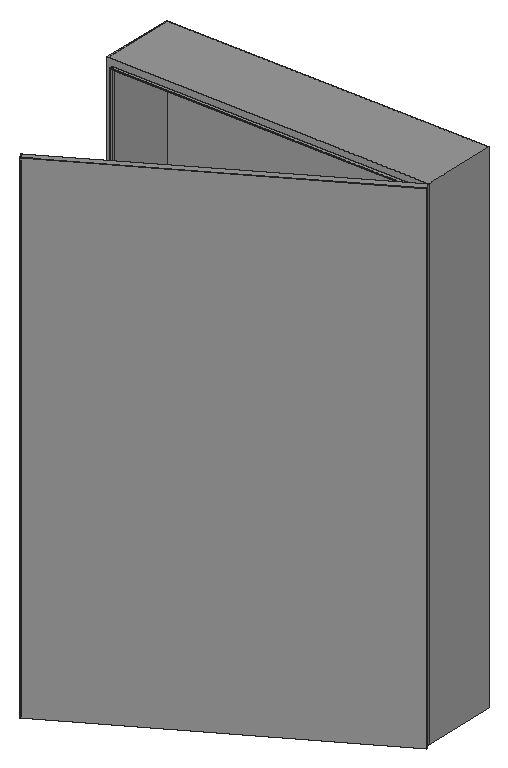
Revit family "Hager-Univers-IP44-D205-H1250-Cl.II-Encl-NoHosted-NL-en", category Equipement électrique, Revit 2020
Family settings
  Configuration du panneau = Deux colonnes, circuits au sein
  Cote de connecteur circulaire = Utiliser le diamètre
  Type d'élément = Tableau de raccordement
  Basée sur le plan de construction = Oui
  Toujours verticalement = Oui
  Couper avec des vides une fois chargée = Non
  Partagée = Non
  Point de calcul de pièce = Non
Parameters (values of type "Surface mounted (plaster) IP44 W800 H1250 D205  - FP83QS")
  Width Control [instance] = if([EF000008 - Width] > Min Width, [EF000008 - Width], Min Width)  # 800 mm
  Commentaires du type = [HG000003 - Range]  # "Univers"
  Thickness Door [instance] = if([EF009171 - Material plate thickness door/cover] > 3 mm, 3 mm, [EF009171 - Material plate thickness door/cover])  # 1 mm
  Seal Frame Offset [instance] = 17 mm  # constant formula
  Plinth Visibility [instance] = [HG000027 - Plinth height] > 0 mm  # no
  Min Width [instance] = 100 mm  # constant formula
  Min Depth [instance] = (2 * [EF009170 - Material plate thickness cabinet]) + 1 mm  # 3 mm
  Min Height [instance] = 100 mm  # constant formula
  Internal Frame Depth [instance] = (Door System Depth * 0.5)  # 9 mm
  Panel Name [instance] = ""  # (empty or 0)
  Model = ""
  HG000027 - Plinth height = 0 mm
  HG000026 - Floor standing = no
  HG000024 - Bottom section height = 600 mm
  HG000023 - Double section enclosure = no
  HG000016 - Door 3d visibility [instance] = yes
  HG000015 - Clearance visibility [instance] = no
  HG000014 - Door on the right [instance] = yes
  HG000013 - Door on the left [instance] = not([HG000014 - Door on the right])  # no
  HG000012 - Door swing angle [instance] = 30.00°
  HG000010 - Asymmetric doors = no
  HG000009 - Double swing door = no
  HG000006 - Flush mounted = no
  HG000004 - Manufacturer reference = "FP83QS"
  HG000003 - Range = "Univers"
  HG000002 - With door or cover = yes
  Frame Offset Bottom [instance] = 10 mm  # constant formula
  Frame Offset [instance] = 15 mm  # constant formula
  EF015940 - Cover with overpressure release = no
  EF011959 - Degree of protection (NEMA) = ""
  EF009554 - Number of openings for flange plates = 6
  EF009212 - Cover model = "EV000116 - Closed"
  EF009171 - Material plate thickness door/cover = 1 mm
  EF009170 - Material plate thickness cabinet = 1 mm
  EF008873 - Nominal current (In) = 250 A
  EF007800 - Suitable for lightning protection = no
  EF006306 - With lock = no
  EF006244 - Transparent cover/door = no
  EF005474 - Degree of protection (IP) = "EV006418 - IP44"
  EF004464 - Type of door = "EV002646 - Single"
  EF004427 - Number of modules = 288
  EF004293 - Impact strength = "EV006815 - IK09"
  EF003532 - Suitable for outdoor use = no
  EF002950 - Width in number of modular spacings = 36
  EF001613 - Circuit integrity = "EV000494 - None"
  EF001596 - Material housing = "EV000179 - Steel"
  EF001131 - Internal depth = 143 mm
  EF001088 - Extension possible = yes
  EF000437 - Number of conduit inlets = 6
  EF000339 - Type of cover = "EV001012 - Cover"
  EF000266 - Number of rows = 8
  EF000218 - Built-in depth = 0 mm
  EF000118 - With mounting plate = no
  EF000116 - RAL-number = "9010"
  EF000049 - Depth = 205 mm
  EF000040 - Height = 1250 mm
  EF000008 - Width = 800 mm
  EF000007 - Colour = "EV000202 - White"
  EF000003 - Mounting method = "EV000384 - Surface mounted (plaster)"
  Door System Leaf Tolerance [instance] = 1.5 mm  # constant formula
  Door System Depth [instance] = 18 mm  # constant formula
  Door Height [instance] = Height Control - [HG000027 - Plinth height]  # 1250 mm
  Description = ""
  Default Elevation = 1219.2 mm
  Connector Offset [instance] = Height Control / 2  # 625 mm
  Fabricant = "Hager"  # constant formula
  Height Control [instance] = if([EF000040 - Height] > Min Height, [EF000040 - Height], Min Height)  # 1250 mm
  Depth Control [instance] = if([EF000049 - Depth] > Min Depth, [EF000049 - Depth], Min Depth)  # 205 mm
  Bottom Top Plate Trim [instance] = 1.5 mm  # constant formula
  Plinth height Ctrl [instance] = if([HG000027 - Plinth height] > 0 mm, [HG000027 - Plinth height], 12 mm)  # 12 mm
Types (5, lengths in mm): name | Width Control | HG000009 - Double swing door | HG000004 - Manufacturer reference | EF009554 - Number of openings for flange plates | EF004464 - Type of door | EF004427 - Number of modules | EF002950 - Width in number of modular spacings | EF000437 - Number of conduit inlets | EF000008 - Width
  Surface mounted (plaster) IP44 W1050 H1250 D205  - FP84QS | 1050 | yes | "FP84QS" | 8 | "EV003602 - Double" | 384 | 48 | 8 | 1050
  Surface mounted (plaster) IP44 W1300 H1250 D205  - FP85QS | 1300 | yes | "FP85QS" | 10 | "EV003602 - Double" | 480 | 60 | 10 | 1300
  Surface mounted (plaster) IP44 W300 H1250 D205  - FP81QS | 300 | no | "FP81QS" | 2 | "EV002646 - Single" | 96 | 12 | 2 | 300
  Surface mounted (plaster) IP44 W550 H1250 D205  - FP82QS | 550 | no | "FP82QS" | 4 | "EV002646 - Single" | 192 | 24 | 4 | 550
  Surface mounted (plaster) IP44 W800 H1250 D205  - FP83QS | 800 | no | "FP83QS" | 6 | "EV002646 - Single" | 288 | 36 | 6 | 800
Reference planes
  plane 1 "Center (Front/Back)": y = 0
  plane 2: z = 0
  plane 3 "Center (Left/Right)": x = 0
  plane 4: y = 0
  plane 5: y = 0
  plane 6: z = 0
  plane 7: x = -400
  plane 8: x = 400
  plane 9: x = 399
  plane 10: x = -399
  plane 11: z = 0
  plane 12: z = 1
  plane 13: y = -205
  plane 14: y = -1
  plane 15: x = 0
  plane 16: y = -187
  plane 17: y = -204
  plane 18: y = -186
  plane 19: x = -384
  plane 20: x = 384
  plane 21: z = 11
  plane 22: x = -383
  plane 23: x = 383
  plane 24: z = 0
  plane 25: z = 1250
  plane 26: z = 1250
  plane 27: z = 1234
  plane 28: z = 1249
Forms (mm)
  Extrusion 1, solid, material "Hager_Steel_RAL7035_Light_Grey", detail levels medium+fine
    sketch origin (-208.679, -4572, 0) x (-1, 0, 0) y (0, -1, 0)
      loop
        line (191.321, -4385) -> (-608.679, -4385) -> (-608.679, -4572) -> (191.321, -4572) -> (191.321, -4385)
    from 0 to 1250
  Extrusion 2, void
    sketch origin (-350.771, -205, 1219.2) x (1, 0, 0) y (0, 0, 1)
      loop
        line (-48.229, 29.8) -> (-48.229, -1218.2) -> (749.771, -1218.2) -> (749.771, 29.8) -> (-48.229, 29.8)
    from -19 to -204
  Extrusion 3, void
    sketch origin (-290.084, -187, 1219.2) x (1, 0, 0) y (0, 0, 1)
      loop
        line (-93.916, -1208.2) -> (674.084, -1208.2) -> (674.084, 14.8) -> (-93.916, 14.8) -> (-93.916, -1208.2)
    from 0 to -1
  Extrusion 4, solid, material "Hager_Steel_RAL7035_Light_Grey", visible <- "Plinth Visibility", detail levels medium+fine
    sketch origin (0, 0, 0) x (1, 0, 0) y (0, 1, 0)
      loop
        line (-400, 0) -> (-400, -187) -> (400, -187) -> (400, 0) -> (-400, 0)
    from 0 to 12 <- "Plinth height Ctrl"
  Extrusion 5, solid, material "Hager_Steel_RAL7035_Light_Grey", detail levels coarse
    sketch origin (0, 0, 0) x (1, 0, 0) y (0, 1, 0)
      loop
        line (-400, 0) -> (-400, -205) -> (400, -205) -> (400, 0) -> (-400, 0)
    from 0 to 1250 <- "Height Control"
  Sweep 6, void
    path in 3D
      loop
        line (-400, -187, 12) -> (400, -187, 12) -> (400, 0, 12) -> (-400, 0, 12) -> (-400, -187, 12)
    profile origin (-400, -93.5, 12) x (1, 0, 0) y (0, 0, 1)
      loop
        line (0, 0) -> (0, -1.5) -> (1.5, -1.5)
        arc (1.5, -1.5) -> (1.061, -0.439) -> (0, 0) r 1.5
  Extrusion 7, solid, material "Hager_Steel_RAL7035_Light_Grey", detail levels fine
    sketch origin (-400, -187, 0) x (1, 0, 0) y (0, 0, 1)
      loop
        line (16, 11) -> (784, 11) -> (784, 1234) -> (16, 1234) -> (16, 11)
      loop
        line (15, 10) -> (785, 10) -> (785, 1235) -> (15, 1235) -> (15, 10)
    from 0 to 9 <- "Internal Frame Depth"
Cuts and joins
  Extrusion 2, Extrusion 3 cuts Extrusion 1
  Sweep 6 cuts Extrusion 4
Lines and regions (mm)
  Masking region 1
    outline origin (0, 0, 0) x (1, 0, 0) y (0, 1, 0)
      loop
        line (-400, 0) -> (-400, -205) -> (400, -205) -> (400, 0) -> (-400, 0)
  Masking region 2, detail levels coarse
    outline origin (-290.084, -187, 1219.2) x (-1, 0, 0) y (0, 0, 1)
      loop
        line (-690.084, -1219.2) -> (109.916, -1219.2) -> (109.916, 30.8) -> (-690.084, 30.8) -> (-690.084, -1219.2)
  Masking region 3, detail levels coarse
    outline origin (0, 0, 0) x (0, 1, 0) y (0, 0, 1)
      loop
        line (0, 0) -> (0, 1250) -> (-205, 1250) -> (-205, 0) -> (0, 0)
  Masking region 4, visible <- "Plinth Visibility", detail levels medium+fine
    outline origin (0, 0, 0) x (0, 1, 0) y (0, 0, 1)
      loop
        line (-1.5, 12) -> (-185.5, 12)
        arc (-185.5, 12) -> (-185.939, 10.939) -> (-187, 10.5) r 1.5
        line (-187, 10.5) -> (-187, 0) -> (0, 0) -> (0, 10.5)
        arc (0, 10.5) -> (-1.061, 10.939) -> (-1.5, 12) r 1.5
  Masking region 5, detail levels medium+fine
    outline origin (0, 0, 594.038) x (0, 1, 0) y (0, 0, 1)
      loop
        line (0, -594.038) -> (0, 655.962) -> (-187, 655.962) -> (-187, -594.038) -> (0, -594.038)
  Masking region 6, detail levels medium+fine
    outline origin (-359.7, -187, 1211.883) x (-1, 0, 0) y (0, 0, 1)
      loop
        line (-759.7, -1211.883) -> (40.3, -1211.883) -> (40.3, 38.117) -> (-759.7, 38.117) -> (-759.7, -1211.883)
  Masking region 7, visible <- "Plinth Visibility", detail levels medium+fine
    outline origin (-320.334, -187, 1041.368) x (-1, 0, 0) y (0, 0, 1)
      loop
        line (-720.334, -1041.368) -> (79.666, -1041.368) -> (79.666, -1030.868)
        arc (79.666, -1030.868) -> (78.606, -1030.429) -> (78.166, -1029.368) r 1.5
        line (78.166, -1029.368) -> (-718.834, -1029.368)
        arc (-718.834, -1029.368) -> (-719.273, -1030.429) -> (-720.334, -1030.868) r 1.5
        line (-720.334, -1030.868) -> (-720.334, -1041.368)
  sketch lines
    curve 1: line (-400, 0, 12) -> (-400, -187, 12)
    curve 2: line (-400, -187, 12) -> (400, -187, 12)
    curve 3: line (400, 0, 12) -> (-400, 0, 12)
    curve 4: line (400, -187, 12) -> (400, 0, 12)
Dimensions and locks
  locked: plane 1 "Center (Front/Back)" to plane 5
  "EF009170 - Material plate thickness cabinet": plane 7 to plane 10
  "EF009170 - Material plate thickness cabinet": plane 8 to plane 9
  equal spacing: plane 7, plane 3 "Center (Left/Right)", plane 8
  "Width Control": plane 7 to plane 8
  "Depth Control": plane 4 to plane 13
  "EF009170 - Material plate thickness cabinet": plane 4 to plane 14
  "Height Control": plane 25 to level
  "HG000027 - Plinth height": plane 11 to level
  "EF009170 - Material plate thickness cabinet": plane 12 to plane 11
  "EF009170 - Material plate thickness cabinet": plane 17 to plane 13
  "EF009170 - Material plate thickness cabinet": plane 18 to plane 16
  "Frame Offset Bottom": plane 21 to plane 12
  "Frame Offset": plane 10 to plane 19
  "Frame Offset": plane 9 to plane 20
  "Door System Depth": plane 16 to plane 13
  "Seal Frame Offset": plane 7 to plane 22
  "Seal Frame Offset": plane 8 to plane 23
  "EF009170 - Material plate thickness cabinet": plane 26 to plane 28
  "Frame Offset": plane 28 to plane 27
  "Connector Offset": plane 2 to connector elem
  "Bottom Top Plate Trim": profile plane to Sweep 6 sketch curve
  "Bottom Top Plate Trim": Sweep 6 sketch curve to Sweep 6 sketch curve
  "Plinth height Ctrl": Masking region 4 sketch curve to level
  "Plinth height Ctrl": Masking region 7 sketch curve to level
  "Thickness Door": Extrusion 7 sketch curve to Extrusion 7 sketch curve  (x4)
  "Bottom Top Plate Trim": radius of Sweep 6 sketch curve
  "Bottom Top Plate Trim": radius of Masking region 4 sketch curve  (x2)
  "Bottom Top Plate Trim": radius of Masking region 7 sketch curve  (x2)
  aligned and locked: Extrusion 2 sketch curve to plane 12
  aligned and locked: Extrusion 2 sketch curve to plane 9
  aligned and locked: Extrusion 2 sketch curve to plane 10
  aligned and locked: Extrusion 2 to plane 14
  aligned and locked: Extrusion 1 sketch curve to plane 4
  aligned and locked: plane 8 to Extrusion 1 sketch curve
  aligned and locked: plane 7 to Extrusion 1 sketch curve
  aligned and locked: Extrusion 2 to plane 18
  aligned and locked: Extrusion 3 sketch curve to plane 19
  aligned and locked: plane 20 to Extrusion 3 sketch curve
  aligned and locked: Extrusion 3 to Extrusion 2
  aligned and locked: Extrusion 3 sketch curve to plane 21
  aligned and locked: plane 3 "Center (Left/Right)" to nested 1
  aligned and locked: Extrusion 1 sketch curve to plane 16
  aligned and locked: Extrusion 4 sketch curve to cut or joined group of Extrusion 1, Extrusion 2, Extrusion 3
  aligned and locked: Masking region 1 sketch curve to plane 7
  aligned and locked: Masking region 1 sketch curve to plane 5
  aligned and locked: Masking region 1 sketch curve to plane 8
  aligned and locked: Masking region 2 sketch curve to level
  aligned and locked: level to Masking region 3 sketch curve
  aligned and locked: plane 1 "Center (Front/Back)" to Masking region 3 sketch curve
  aligned and locked: plane 13 to Masking region 3 sketch curve
  aligned and locked: plane 5 to Masking region 4 sketch curve
  aligned and locked: Masking region 2 sketch curve to plane 8
  aligned and locked: Masking region 2 sketch curve to plane 7
  aligned and locked: plane 7 to nested 2
  aligned and locked: nested 2 to plane 5
  aligned and locked: plane 5 to Masking region 5 sketch curve
  aligned and locked: plane 26 to Masking region 5 sketch curve
  aligned and locked: Extrusion 5 sketch curve to plane 8
  aligned and locked: Extrusion 5 sketch curve to plane 7
  aligned and locked: Extrusion 5 sketch curve to plane 5
  aligned and locked: Extrusion 3 sketch curve to plane 27
  aligned and locked: Extrusion 2 sketch curve to plane 28
  aligned and locked: Masking region 2 to plane 25
  aligned and locked: Extrusion 4 to plane 16
  aligned and locked: profile plane to Sweep 6 sketch curve
  aligned and locked: Masking region 5 sketch curve to plane 24
  aligned and locked: level to Masking region 4 sketch curve
  aligned and locked: Masking region 1 to plane 13
  aligned and locked: nested 1 to plane 16
  aligned and locked: Masking region 3 to plane 25
  aligned and locked: plane 16 to Masking region 4 sketch curve
  aligned and locked: Masking region 5 sketch curve to plane 16
  aligned and locked: plane 24 to plane 11
  aligned and locked: plane 26 to plane 25
  aligned and locked: plane 26 to cut or joined group of Extrusion 1, Extrusion 2, Extrusion 3
  aligned and locked: nested 1 to plane 24
  aligned and locked: Extrusion 1 to Extrusion 3
  aligned and locked: Masking region 6 sketch curve to plane 8
  aligned and locked: Masking region 6 sketch curve to plane 24
  aligned and locked: Masking region 6 sketch curve to plane 7
  aligned and locked: Masking region 6 sketch curve to plane 26
  aligned and locked: Masking region 7 sketch curve to plane 7
  aligned and locked: level to Masking region 7 sketch curve
  aligned and locked: Masking region 7 sketch curve to plane 8
  aligned and locked: Extrusion 7 sketch curve to cut or joined group of Extrusion 1, Extrusion 2, Extrusion 3  (x4)
Automatic sketch dimensions
  plane 19 to Extrusion 3 sketch curve = 0 mm
  Extrusion 3 sketch curve to plane 20 = 0 mm
  Extrusion 3 sketch curve to plane 21 = 0 mm
  Extrusion 4 sketch curve to plane 7 = 0 mm
  Extrusion 4 sketch curve to plane 8 = 0 mm
  Extrusion 4 sketch curve to plane 16 = 0 mm
  Masking region 1 sketch curve to plane 13 = 0 mm
  Masking region 2 sketch curve to plane 25 = 0 mm
  Masking region 3 sketch curve to plane 25 = 0 mm
  Extrusion 5 sketch curve to plane 13 = 0 mm
  profile plane to Sweep 6 sketch curve = 0 mm
Nested families
  nested 1: "EC000058_Univers_Door" at (0, -187, 0), Double <- "HG000009 - Double swing door", Transparent <- "EF006244 - Transparent cover/door", Angle <- "HG000012 - Door swing angle", Door_Right <- "HG000014 - Door on the right", Assymetrical <- "HG000010 - Asymmetric doors", Door <- "HG000002 - With door or cover", Width_Ctrl <- "Width Control", 3d_Door <- "HG000016 - Door 3d visibility", Clearance <- "HG000015 - Clearance visibility", Door_Left <- "HG000013 - Door on the left", Width <- "Width Control", Door_Depth <- "Door System Depth", Leaf_Tolerance <- "Door System Leaf Tolerance", Height <- "Door Height", Lock_Visibility <- "EF006306 - With lock", Thickness <- "Thickness Door", type "EC000058_Univers_Door", detail levels medium+fine
    with min_wh 3 mm, Width_Ctrl 800 mm, Width 800 mm, Transparent no, Thickness 1 mm, Seal_Material Hager_Rubber, Lock_Visibility no, Lock_Material Hager_Plastic_RAL9005_Jet_Black, Leaf_Width 800 mm, Leaf_Tolerance_External_Sides 0 mm, Leaf_Tolerance 1.5 mm, Leaf_Offset 0 mm, Leaf_Height 1247 mm, Leaf_2_Width 800 mm, Leaf_2_Offset 400 mm, Leaf_1_Width 800 mm, Leaf_1_Offset 400 mm, Height_Ctrl 1250 mm, Height 1250 mm, Glass_Material Hager_Glass, Double_Clearance_Ctrl no, Double no, Door_Right_Ctrl yes, Door_Right yes, Door_Material Hager_Steel_RAL7035_Light_Grey, Door_Left_Ctrl no, Door_Left no, Door_Depth 18 mm, Door yes, Clearance_Material Hager_Clearance, Clearance_Depth 800 mm, Clearance_Ctrl no, Clearance no, Assymetrical no, Angle 30.00°, 3d_Door yes
  nested 2: "Hager_Enclosure_Symbol" at (-400, 0, 0), Height <- "Depth Control", Width <- "Width Control", type "Hager_Enclosure_Symbol"
    with Width_Ctrl 800 mm, Width 800 mm, Height_Ctrl 205 mm, Height 205 mm, A_Width_Int 13.453 mm, A_Width 161.438 mm, A_Height_Ctrl 179.375 mm, A_Height 179.375 mm
Connectors
  electrical at (0, 0, 625)
    settings: on plane 1 "Center (Front/Back)", index 1, voltage 0 V, apparent load 0 VA, apparent load phase1 0 VA, apparent load phase2 0 VA, apparent load phase3 0 VA, power factor 1, load classification "Other", number of poles 1, system type 30, power factor state 1, is connector primary yes, connector utility no, sub classification motor no, connector description ""
Definition of nested family "EC000058_Univers_Door"
  Parameters (values of type "EC000058_Univers_Door")
    min_wh [instance] = (2 * Thickness) + 1 mm  # 11 mm
    Width_Ctrl [instance] = 400 mm
    Width [instance] = 500 mm
    Transparent [instance] = yes
    Thickness [instance] = 5 mm
    Seal_Material [instance] = none
    Lock_Visibility [instance] = yes
    Lock_Material [instance] = none
    Leaf_Width [instance] = if((Width_Ctrl - 2 * Leaf_Tolerance_External_Sides) > 0 mm, (Width_Ctrl - 2 * Leaf_Tolerance_External_Sides), min_wh)  # 400 mm
    Leaf_Tolerance_External_Sides [instance] = 0 mm  # constant formula
    Leaf_Tolerance [instance] = 1.5 mm
    Leaf_Offset [instance] = 0 mm  # constant formula
    Leaf_Height [instance] = if((Height_Ctrl - 2 * Leaf_Tolerance) > 0 mm, (Height_Ctrl - 2 * Leaf_Tolerance), min_wh)  # 497 mm
    Leaf_2_Width [instance] = if(and(and(Double, Assymetrical), Door_Left), (Leaf_Width / 3) - (Leaf_Tolerance / 2), if(and(and(Double, Assymetrical), Door_Right), (Leaf_Width / 3) * 2 - (Leaf_Tolerance / 2), if(and(Double, not(Assymetrical)), (Leaf_Width / 2) - Leaf_Tolerance, Leaf_Width)))  # 400 mm
    Leaf_2_Offset [instance] = if(and(Double, Assymetrical), Leaf_2_Width / 2, if(and(Double, not(Assymetrical)), Leaf_Width / 4, Leaf_Width / 2))  # 200 mm
    Leaf_1_Width [instance] = if(and(and(Double, Assymetrical), Door_Right), (Leaf_Width / 3) - (Leaf_Tolerance / 2), if(and(and(Double, Assymetrical), Door_Left), (Width / 3) * 2 - (Leaf_Tolerance / 2), if(and(Double, not(Assymetrical)), (Leaf_Width / 2) - Leaf_Tolerance, Leaf_Width)))  # 400 mm
    Leaf_1_Offset [instance] = if(and(Double, Assymetrical), Leaf_1_Width / 2, if(and(Double, not(Assymetrical)), Leaf_Width / 4, Leaf_Width / 2))  # 200 mm
    Height_Ctrl [instance] = if(Height > min_wh, Height, min_wh)  # 500 mm
    Height [instance] = 500 mm
    Glass_Material [instance] = none
    Double_Clearance_Ctrl [instance] = and(Double, Clearance)  # no
    Double [instance] = no
    Door_Right_Ctrl [instance] = and(or(Door_Right, Double), Door)  # yes
    Door_Right [instance] = yes
    Door_Material [instance] = none
    Door_Left_Ctrl [instance] = and(or(Door_Left, Double), Door)  # no
    Door_Left [instance] = no
    Door_Depth [instance] = 30 mm
    Door [instance] = yes
    Default Elevation = 1219.2 mm
    Clearance_Material [instance] = none
    Clearance_Depth [instance] = if(Leaf_1_Width > Leaf_2_Width, Leaf_1_Width, Leaf_2_Width)  # 400 mm
    Clearance_Ctrl [instance] = and(not(Double), Clearance)  # yes
    Clearance [instance] = yes
    Assymetrical [instance] = yes
    Angle [instance] = 30.00°
    3d_Door [instance] = yes
  Reference planes
    plane 1 "Center (Front/Back)": y = 0
    plane 2 "Bottom": z = 0
    plane 3 "Center (Left/Right)": x = 0
    plane 4: z = 500
    plane 5: x = -200
    plane 6: x = 200
    plane 7: z = 500
    plane 8: x = -200
    plane 9: z = 0
    plane 10: x = 200
    plane 11: y = 0
    plane 12: z = 1.5
    plane 13: x = -600
    plane 14: y = -400
    plane 15: x = 600
    plane 16: x = 0
    plane 17: x = 0
    plane 18: x = -200
    plane 19: x = 200
    plane 20: z = 498.5
  Forms (mm)
    Extrusion 1, solid, material <- "Clearance_Material", visible <- "Double_Clearance_Ctrl"
      sketch origin (1200, 0, 0) x (1, 0, 0) y (0, 0, -1)
        loop
          line (-1800, -498.5) -> (-600, -498.5) -> (-600, 0) -> (-1800, 0) -> (-1800, -498.5)
      from 0 to -400
  Dimensions and locks
    equal spacing: plane 5, plane 3 "Center (Left/Right)", plane 6
    "Width_Ctrl": plane 5 to plane 6
    "Leaf_Offset": plane 5 to plane 8
    "Leaf_Offset": plane 6 to plane 10
    "Leaf_Offset": plane 9 to level
    "Leaf_Offset": plane 4 to plane 7
    "Height_Ctrl": plane 4 to level
    "Leaf_Tolerance": plane 12 to plane 9
    locked: plane 11 to plane 1 "Center (Front/Back)"
    "Leaf_1_Offset": plane 18 to plane 16
    "Leaf_2_Offset": plane 17 to plane 19
    "Leaf_1_Width": plane 13 to plane 8
    "Leaf_2_Width": plane 10 to plane 15
    "Clearance_Depth": plane 14 to plane 1 "Center (Front/Back)"
    "Leaf_Tolerance_External_Sides": plane 8 to plane 18
    "Leaf_Tolerance_External_Sides": plane 19 to plane 10
    "Leaf_Tolerance": plane 7 to plane 20
    aligned and locked: level to plane 2 "Bottom"
    aligned and locked: nested 1 to plane 16
    aligned and locked: nested 2 to plane 17
    aligned and locked: Extrusion 1 to plane 13
    aligned and locked: plane 15 to Extrusion 1
    aligned and locked: Extrusion 1 to plane 14
    aligned and locked: plane 12 to nested 1
    aligned and locked: nested 2 to plane 12
    aligned and locked: Extrusion 1 to plane 11
    aligned and locked: plane 20 to Extrusion 1
    aligned and locked: nested 2 to plane 11
    aligned and locked: nested 1 to plane 11
  Automatic sketch dimensions
    Extrusion 1 sketch curve to level = 0 mm
    plane 5 to Extrusion 1 sketch curve = 400 mm
    plane 6 to Extrusion 1 sketch curve = 400 mm
    Extrusion 1 sketch curve to plane 4 = 1.5 mm
  Nested families
    nested 1: "EC000058_Univers_Door_Leaf" at (0, 0, 1.5), Width <- "Leaf_1_Width", visible <- "Door_Left_Ctrl", Leaf_Height <- "Leaf_Height", Angle <- "Angle", 3d_Door <- "3d_Door", Transparent <- "Transparent", Clearance Material <- "Clearance_Material", Clearance <- "Clearance_Ctrl", Door_Material <- "Door_Material", Glass_Material <- "Glass_Material", Door_Depth <- "Door_Depth", Lock_Material <- "Lock_Material", Seal_Material <- "Seal_Material", Lock_Visibility <- "Lock_Visibility", Thickness <- "Thickness", type "EC000058_Univers_Door_Leaf"
      with Width 400 mm, Transparent_Glass_Offset 30 mm, Transparent_Ctrl yes, Transparent yes, Thickness 5 mm, Standard no, Seal_Material none, Seal_D2 8 mm, Seal_D1 1 mm, Offset_Internal_Frame 10 mm, Lock_Width 20 mm, Lock_Visibility_3d yes, Lock_Visibility yes, Lock_Thickness_3 3 mm, Lock_Thickness_2 1 mm, Lock_Thickness_1 3 mm, Lock_Radius_Offset_2 16 mm, Lock_Radius_Offset_1 15 mm, Lock_Radius_2 5 mm, Lock_Radius 6 mm, Lock_Offset 5 mm, Lock_Material none, Lock_Height 80 mm, Lock_Cover_Top_Offset_2d 17 mm, Lock_Cover_Height -65 mm, Leaf_Height 497 mm, Internal_Seal_Thickness 8 mm, Internal_Seal_Depth_2 4.5 mm, Internal_Frame_Depth 25 mm, Glass_Thickness -1 mm, Glass_Offset -2 mm, Glass_Material none, Door_Material none, Door_Depth 30 mm, Clearance Material none, Clearance yes, Angle_Ctrl 30.00°, Angle 30.00°, 3d_Door yes
    nested 2: "EC000058_Univers_Door_Leaf" at (0, 0, 1.5) x (-1, 0, 0) z (0, 0, 1), Width <- "Leaf_2_Width", visible <- "Door_Right_Ctrl", Leaf_Height <- "Leaf_Height", Angle <- "Angle", 3d_Door <- "3d_Door", Transparent <- "Transparent", Clearance Material <- "Clearance_Material", Clearance <- "Clearance_Ctrl", Door_Material <- "Door_Material", Glass_Material <- "Glass_Material", Door_Depth <- "Door_Depth", Lock_Material <- "Lock_Material", Seal_Material <- "Seal_Material", Lock_Visibility <- "Lock_Visibility", Thickness <- "Thickness", type "EC000058_Univers_Door_Leaf"
      with Width 400 mm, Transparent_Glass_Offset 30 mm, Transparent_Ctrl yes, Transparent yes, Thickness 5 mm, Standard no, Seal_Material none, Seal_D2 8 mm, Seal_D1 1 mm, Offset_Internal_Frame 10 mm, Lock_Width 20 mm, Lock_Visibility_3d yes, Lock_Visibility yes, Lock_Thickness_3 3 mm, Lock_Thickness_2 1 mm, Lock_Thickness_1 3 mm, Lock_Radius_Offset_2 16 mm, Lock_Radius_Offset_1 15 mm, Lock_Radius_2 5 mm, Lock_Radius 6 mm, Lock_Offset 5 mm, Lock_Material none, Lock_Height 80 mm, Lock_Cover_Top_Offset_2d 17 mm, Lock_Cover_Height -65 mm, Leaf_Height 497 mm, Internal_Seal_Thickness 8 mm, Internal_Seal_Depth_2 4.5 mm, Internal_Frame_Depth 25 mm, Glass_Thickness -1 mm, Glass_Offset -2 mm, Glass_Material none, Door_Material none, Door_Depth 30 mm, Clearance Material none, Clearance yes, Angle_Ctrl 30.00°, Angle 30.00°, 3d_Door yes
  Definition of nested family "EC000058_Univers_Door_Leaf"
    Parameters (values of type "EC000058_Univers_Door_Leaf")
      Width [instance] = 2000 mm
      Transparent_Glass_Offset [instance] = 30 mm
      Transparent_Ctrl [instance] = and(Transparent, [3d_Door])  # yes
      Transparent [instance] = yes
      Thickness [instance] = 5 mm
      Standard [instance] = and(not(Transparent), [3d_Door])  # no
      Seal_Material [instance] = none
      Seal_D2 [instance] = 8 mm  # constant formula
      Seal_D1 [instance] = 1 mm  # constant formula
      Offset_Internal_Frame [instance] = 10 mm  # constant formula
      Lock_Width [instance] = 20 mm  # constant formula
      Lock_Visibility_3d [instance] = and(Lock_Visibility, [3d_Door])  # yes
      Lock_Visibility [instance] = yes
      Lock_Thickness_3 [instance] = 3 mm  # constant formula
      Lock_Thickness_2 [instance] = 1 mm  # constant formula
      Lock_Thickness_1 [instance] = 3 mm  # constant formula
      Lock_Radius_Offset_2 [instance] = Lock_Radius_Offset_1 + 1 mm  # 16 mm
      Lock_Radius_Offset_1 [instance] = 15 mm  # constant formula
      Lock_Radius_2 [instance] = Lock_Radius - 1 mm  # 5 mm
      Lock_Radius [instance] = 6 mm  # constant formula
      Lock_Offset [instance] = 5 mm  # constant formula
      Lock_Material [instance] = none
      Lock_Height [instance] = 80 mm  # constant formula
      Lock_Cover_Top_Offset_2d [instance] = Lock_Radius_Offset_2 + 1 mm  # 17 mm
      Lock_Cover_Height [instance] = -(Lock_Height - Lock_Radius_Offset_1)  # -65 mm
      Leaf_Height [instance] = 2720.336 mm
      Internal_Seal_Thickness [instance] = 8 mm  # constant formula
      Internal_Seal_Depth_2 [instance] = 4.5 mm  # constant formula
      Internal_Frame_Depth [instance] = if(Door_Depth - Thickness > 5 mm, Door_Depth - Thickness, 5 mm)  # 25 mm
      Glass_Thickness [instance] = if(Thickness > 15 mm, Glass_Offset + 10 mm, -1 mm)  # -1 mm
      Glass_Offset [instance] = if(Thickness > 15 mm, -(Thickness + 10 mm) / 2, -2 mm)  # -2 mm
      Glass_Material [instance] = none
      Door_Material [instance] = none
      Door_Depth [instance] = 30 mm
      Default Elevation = 0 mm
      Clearance Material [instance] = none
      Clearance [instance] = yes
      Angle_Ctrl [instance] = if(Angle > 180.00°, 180.00°, Angle)  # 90.00°
      Angle [instance] = 90.00°
      3d_Door [instance] = yes
    Reference planes
      plane 1 "Center (Front/Back)": y = 0
      plane 2: z = 0
      plane 3 "Center (Left/Right)": x = 0
      plane 4: y = 2000
      plane 5: x = -1000
      plane 6: x = 1000
      plane 7: x = -3000
      plane 8: z = 2720.336
      plane 9: z = 30
      plane 10: z = 2690.336
      plane 11: x = 970
      plane 12: x = -970
      plane 13: y = -3
      plane 14: z = 107.833
      plane 15: y = -5
      plane 16: y = -223.314
      plane 17: x = -1000
      plane 18: z = 1360.168
      plane 19: y = 30
    Forms (mm)
      Extrusion 1, solid, material <- "Clearance Material", visible <- "Clearance"
        sketch origin (0, 0, 0) x (1, 0, 0) y (0, 0, 1)
          loop
            line (-3000, 2720.336) -> (-3000, 0) -> (1000, 0) -> (1000, 2720.336) -> (-3000, 2720.336)
        from 0 to -2000
      Extrusion 2, solid, material <- "Door_Material", visible <- "Standard", detail levels medium+fine
        sketch origin (-1000, 0, 0) x (0, 1, 0) y (-1, 0, 0)
          loop
            line (0, 30) -> (0, 25) -> (2000, 25) -> (2000, 30) -> (0, 30)
        from 0 to 2720.336 <- "Leaf_Height"
      Extrusion 3, solid, material <- "Door_Material", visible <- "Transparent_Ctrl", detail levels medium+fine
        sketch origin (-1000, 0, 0) x (0, 1, 0) y (-1, 0, 0)
          loop
            line (0, 25) -> (2000, 25) -> (2000, 30) -> (0, 30) -> (0, 25)
        from 0 to 2720.336 <- "Leaf_Height"
      Extrusion 4, void
        sketch origin (-1025, 2000, 0) x (0, 1, 0) y (0, 0, -1)
          loop
            line (-30, -2690.336) -> (-30, -30) -> (-1970, -30) -> (-1970, -2690.336) -> (-30, -2690.336)
        from 0 to 5 <- "Thickness"
      Sweep 5, solid, material <- "Seal_Material", visible <- "Transparent_Ctrl", detail levels fine
        path in 3D
          loop
            line (-1025, 30, 30) -> (-1025, 30, 2690.336) -> (-1025, 1970, 2690.336) -> (-1025, 1970, 30) -> (-1025, 30, 30)
        profile origin (-1025, 1000, 30) x (1, 0, 0) y (0, 0, 1)
          loop
            line (0, 0) -> (0, -8) -> (1, -8) -> (1, 0) -> (0, 0)
      Extrusion 6, solid, material <- "Glass_Material", visible <- "Transparent_Ctrl", detail levels medium+fine
        sketch origin (-1030, 0, 0) x (0, 1, 0) y (0, 0, -1)
          loop
            line (1970, -2690.336) -> (1970, -30) -> (30, -30) -> (30, -2690.336) -> (1970, -2690.336)
        from -2 <- "Glass_Offset" to -1 <- "Glass_Thickness"
      Extrusion 7, solid, material <- "Door_Material", visible <- "3d_Door", detail levels medium+fine
        sketch origin (-1025, 2000, 0) x (0, -1, 0) y (0, 0, -1)
          loop
            line (0, -2720.336) -> (2000, -2720.336) -> (2000, 0) -> (0, 0) -> (0, -2720.336)
          loop
            line (1995, -5) -> (5, -5) -> (5, -2715.336) -> (1995, -2715.336) -> (1995, -5)
        from 0 to 25 <- "Internal_Frame_Depth"
      Sweep 8, solid, material <- "Seal_Material", visible <- "Transparent_Ctrl", detail levels fine
        path in 3D
          loop
            line (-1025, 0, 0) -> (-1025, 2000, 0) -> (-1025, 2000, 2720.336) -> (-1025, 0, 2720.336) -> (-1025, 0, 0)
        profile origin (-1025, 0, 1360.168) x (1, 0, 0) y (0, 1, 0)
          loop
            line (0, 10) -> (2.975, 10)
            arc (2.975, 10) -> (4.053, 10.447) -> (4.5, 11.525) r 1.525
            line (4.5, 11.525) -> (4.5, 16.527)
            arc (4.5, 16.527) -> (4.069, 17.569) -> (3.027, 18) r 1.473
            line (3.027, 18) -> (0, 18) -> (0, 10)
      Extrusion 9, solid, material <- "Lock_Material", visible <- "Lock_Visibility_3d", detail levels fine
        sketch origin (-1030, 0, 0) x (0, 1, 0) y (0, 0, -1)
          loop
            arc (1993.5, -1400.168) -> (1994.561, -1399.729) -> (1995, -1398.668) r 1.5
            line (1995, -1398.668) -> (1995, -1320.168) -> (1975, -1320.168) -> (1975, -1398.668)
            arc (1975, -1398.668) -> (1975.439, -1399.729) -> (1976.5, -1400.168) r 1.5
            line (1976.5, -1400.168) -> (1993.5, -1400.168)
        from 3 <- "Lock_Thickness_1" to 0
      Blend 10, solid, material <- "Lock_Material", visible <- "Lock_Visibility_3d", detail levels fine
        base sketch origin (-1033, 0, 0) x (0, 1, 0) y (0, 0, -1)
          loop
            line (1975, -1320.168) -> (1975, -1398.668)
            arc (1975, -1398.668) -> (1975.439, -1399.729) -> (1976.5, -1400.168) r 1.5
            line (1976.5, -1400.168) -> (1993.5, -1400.168)
            arc (1993.5, -1400.168) -> (1994.561, -1399.729) -> (1995, -1398.668) r 1.5
            line (1995, -1398.668) -> (1995, -1320.168) -> (1975, -1320.168)
        top sketch origin (-1033, 0, 0) x (0, 1, 0) y (0, 0, -1)
          loop
            line (1976, -1320.168) -> (1976, -1398.668)
            arc (1976, -1398.668) -> (1976.146, -1399.022) -> (1976.5, -1399.168) r 0.5
            line (1976.5, -1399.168) -> (1993.5, -1399.168)
            arc (1993.5, -1399.168) -> (1993.854, -1399.022) -> (1994, -1398.668) r 0.5
            line (1994, -1398.668) -> (1994, -1320.168) -> (1976, -1320.168)
        from 0 to 1 <- "Lock_Thickness_2"
      Blend 11, solid, material <- "Lock_Material", visible <- "Lock_Visibility_3d", detail levels fine
        base sketch origin (-1034, 0, 0) x (0, 1, 0) y (0, 0, -1)
          loop
            line (1978, -1320.168) -> (1978, -1384.168)
            arc (1978, -1384.168) -> (1985, -1391.168) -> (1992, -1384.168) r 7
            line (1992, -1384.168) -> (1992, -1320.168) -> (1978, -1320.168)
        top sketch origin (-1034, 0, 0) x (0, 1, 0) y (0, 0, -1)
          loop
            line (1991, -1320.168) -> (1979, -1320.168) -> (1979, -1383.168)
            arc (1979, -1383.168) -> (1985, -1389.168) -> (1991, -1383.168) r 6
            line (1991, -1383.168) -> (1991, -1320.168)
        from 0 to 3 <- "Lock_Thickness_3"
      Extrusion 12, solid, material <- "Lock_Material", visible <- "Lock_Visibility_3d", detail levels fine
        sketch origin (-1030, 1975, 1320.168) x (1, 0, 0) y (0, -1, 0)
          loop
            line (-7, -19) -> (-7, -1) -> (0, -1) -> (0, 0) -> (-8, 0) -> (-8, -20) -> (0, -20) -> (0, -19) -> (-7, -19)
        from 0 to -65 <- "Lock_Cover_Height"
      Extrusion 13, void
        sketch origin (-1038, 1995, 1320.168) x (-1, 0, 0) y (0, 0, -1)
          loop
            line (-5, -65) -> (0, -65) -> (-5, -60) -> (-5, -65)
        from 0 to 20 <- "Lock_Width"
      Extrusion 14, void
        sketch origin (-1038, 1975, 1320.168) x (0, -1, 0) y (0, 0, -1)
          loop
            circle (-10, -15.995) r 6
          loop
            circle (-10, -15.995) r 5
        from 0 to 2
      Extrusion 15, solid, material <- "Lock_Material", visible <- "Lock_Visibility_3d", detail levels medium
        sketch origin (-1030, 0, 0) x (0, 1, 0) y (0, 0, -1)
          loop
            arc (1993.5, -1400.168) -> (1994.561, -1399.729) -> (1995, -1398.668) r 1.5
            line (1995, -1398.668) -> (1995, -1320.168) -> (1975, -1320.168) -> (1975, -1398.668)
            arc (1975, -1398.668) -> (1975.439, -1399.729) -> (1976.5, -1400.168) r 1.5
            line (1976.5, -1400.168) -> (1993.5, -1400.168)
        from 8 to 0
    Cuts and joins
      Extrusion 4 cuts Extrusion 3
      Extrusion 13, Extrusion 14 cuts Extrusion 9
      Extrusion 14 cuts Blend 11
      Extrusion 13, Extrusion 14 cuts Extrusion 12
      joined: Extrusion 9, Blend 10, Blend 11, Extrusion 12
      Extrusion 14 cuts Extrusion 15
    Lines and regions (mm)
      Masking region 1, visible <- "Lock_Visibility", detail levels fine
        outline origin (0, 0, 0) x (0, 1, 0) y (0, 0, 1)
          loop
            line (30, 1320.168) -> (33, 1320.168) -> (33, 1400.168) -> (30, 1400.168) -> (30, 1320.168)
      Masking region 2, visible <- "Lock_Visibility", detail levels fine
        outline origin (0, 3.143, 0) x (0, 1, 0) y (0, 0, 1)
          loop
            line (29.857, 1354.168) -> (30.857, 1354.168) -> (30.857, 1366.168) -> (29.857, 1366.168) -> (29.857, 1354.168)
      Masking region 3, detail levels medium+fine
        outline origin (0, 0, 0) x (0, 1, 0) y (0, 0, 1)
          loop
            line (0, 0) -> (30, 0) -> (30, 2720.336) -> (0, 2720.336) -> (0, 0)
      Masking region 4, detail levels medium+fine
        outline origin (0, 0, 0) x (1, 0, 0) y (0, 0, 1)
          loop
            line (-1000, 2720.336) -> (-1000, 0) -> (1000, 0) -> (1000, 2720.336) -> (-1000, 2720.336)
      Masking region 5, visible <- "Lock_Visibility", detail levels fine
        outline origin (-47.116, 0, 0) x (1, 0, 0) y (0, 0, 1)
          loop
            arc (1024.616, 1399.168) -> (1023.556, 1398.729) -> (1023.116, 1397.668) r 1.5
            line (1023.116, 1397.668) -> (1023.116, 1320.168) -> (1041.116, 1320.168) -> (1041.116, 1397.668)
            arc (1041.116, 1397.668) -> (1040.677, 1398.729) -> (1039.616, 1399.168) r 1.5
            line (1039.616, 1399.168) -> (1024.616, 1399.168)
      Masking region 6, visible <- "Lock_Visibility", detail levels medium+fine
        outline origin (-25, 0, 0) x (1, 0, 0) y (0, 0, 1)
          loop
            arc (1001.5, 1400.168) -> (1000.439, 1399.729) -> (1000, 1398.668) r 1.5
            line (1000, 1398.668) -> (1000, 1320.168) -> (1020, 1320.168) -> (1020, 1398.668)
            arc (1020, 1398.668) -> (1019.561, 1399.729) -> (1018.5, 1400.168) r 1.5
            line (1018.5, 1400.168) -> (1001.5, 1400.168)
      Masking region 7, visible <- "Lock_Visibility", detail levels fine
        outline origin (-73.735, 0, 0) x (1, 0, 0) y (0, 0, 1)
          loop
            line (1051.735, 1382.168) -> (1065.735, 1382.168) -> (1065.735, 1384.168)
            arc (1065.735, 1384.168) -> (1058.735, 1391.168) -> (1051.735, 1384.168) r 7
            line (1051.735, 1384.168) -> (1051.735, 1382.168)
      Masking region 8, visible <- "Lock_Visibility", detail levels fine
        outline origin (-73.735, 0, 0) x (1, 0, 0) y (0, 0, 1)
          loop
            line (1052.735, 1382.168) -> (1064.735, 1382.168) -> (1064.735, 1383.168)
            arc (1064.735, 1383.168) -> (1058.735, 1389.168) -> (1052.735, 1383.168) r 6
            line (1052.735, 1383.168) -> (1052.735, 1382.168)
      Masking region 9, visible <- "Lock_Visibility", detail levels fine
        outline origin (-25, 0, 0) x (1, 0, 0) y (0, 0, 1)
          loop
            line (1020, 1320.168) -> (1020, 1382.168) -> (1000, 1382.168) -> (1000, 1320.168) -> (1020, 1320.168)
      Masking region 10, detail levels medium+fine
        outline origin (0, 0, 0) x (1, 0, 0) y (0, 0, 1)
          loop
            circle (985, 1335.144) r 6
      Masking region 11, detail levels fine
        outline origin (0, 0, 0) x (1, 0, 0) y (0, 0, 1)
          loop
            circle (985, 1335.144) r 5
      Masking region 12, visible <- "Lock_Visibility", detail levels fine
        outline origin (0, 12.767, 0) x (0, 1, 0) y (0, 0, 1)
          loop
            line (20.233, 1320.168) -> (21.233, 1320.168) -> (21.233, 1399.168) -> (20.233, 1400.168) -> (20.233, 1320.168)
      Masking region 13, visible <- "Lock_Visibility", detail levels fine
        outline origin (0, 13.767, -10) x (0, 1, 0) y (0, 0, 1)
          loop
            line (20.233, 1330.168) -> (23.233, 1330.168) -> (23.233, 1399.168) -> (20.233, 1402.168) -> (20.233, 1330.168)
      Masking region 14, visible <- "Lock_Visibility", detail levels fine
        outline origin (0, 12.767, -10) x (0, 1, 0) y (0, 0, 1)
          loop
            line (20.233, 1330.168) -> (25.233, 1330.168) -> (25.233, 1399.305) -> (20.233, 1394.305) -> (20.233, 1330.168)
      Masking region 15, visible <- "Lock_Visibility", detail levels medium
        outline origin (0, 0, 0) x (0, 1, 0) y (0, 0, 1)
          loop
            line (30, 1320.168) -> (38, 1320.168) -> (38, 1400.168) -> (30, 1400.168) -> (30, 1320.168)
      Masking region 16, visible <- "Lock_Visibility", detail levels fine
        outline origin (-1000, 0, 0) x (0, 1, 0) y (-1, 0, 0)
          loop
            line (1975, 30) -> (1995, 30) -> (1995, 38) -> (1975, 38) -> (1975, 30)
          loop
            line (1979, 37) -> (1976, 37) -> (1976, 34) -> (1978, 34) -> (1979, 37)
          loop
            line (1994, 37) -> (1991, 37) -> (1992, 34) -> (1994, 34) -> (1994, 37)
      Masking region 17, visible <- "Lock_Visibility", detail levels medium
        outline origin (-1000, 0, 0) x (0, 1, 0) y (-1, 0, 0)
          loop
            line (1975, 30) -> (1995, 30) -> (1995, 38) -> (1975, 38) -> (1975, 30)
      symbolic lines
        curve 1: line (1000, 0, 0) -> (-3000, 0, 0)
        curve 2: arc (1000, 0, 0) -> (-1000, 2000, 0) -> (-3000, 0, 0) r 2000
        curve 4: line (-1030, 0, 0) -> (-1030, 2000, 0)
      reference lines
        curve 3: line (-1000, 0, 0) -> (-1000, 2000, 0)
      symbolic lines, detail levels medium+fine
        curve 5: line (-1030, 2000, 0) -> (-1025, 2000, 0)
        curve 7: line (-1025, 0, 0) -> (-1030, 0, 0)
        curve 8: line (-1025, 0, 0) -> (-1000, 0, 0)
        curve 9: line (-1000, 0, 0) -> (-1000, 2000, 0)
        curve 10: line (-1000, 2000, 0) -> (-1025, 2000, 0)
      symbolic lines, detail levels fine
        curve 6: line (-1025, 2000, 0) -> (-1025, 0, 0)
      sketch lines
        curve 11: line (-1025, 0, 2720.336) -> (-1025, 0, 0)
        curve 12: line (-1025, 2000, 0) -> (-1025, 0, 0)
        curve 13: line (-1025, 2000, 2720.336) -> (-1025, 2000, 0)
        curve 14: line (-1025, 0, 2720.336) -> (-1025, 2000, 2720.336)
        curve 15: line (-1025, 1970, 30) -> (-1025, 30, 30)
        curve 16: line (-1025, 30, 30) -> (-1025, 30, 2690.336)
        curve 17: line (-1025, 1970, 2690.336) -> (-1025, 1970, 30)
        curve 18: line (-1025, 30, 2690.336) -> (-1025, 1970, 2690.336)
      symbolic lines, visible <- "Transparent", detail levels medium+fine
        curve 19: line (-970, 0, 2690.336) -> (970, 0, 2690.336)
        curve 20: line (-970, 0, 30) -> (-970, 0, 2690.336)
        curve 21: line (970, 0, 30) -> (-970, 0, 30)
        curve 22: line (970, 0, 2690.336) -> (970, 0, 30)
    Dimensions and locks
      "Width": plane 1 "Center (Front/Back)" to plane 4
      equal spacing: plane 5, plane 3 "Center (Left/Right)", plane 6
      "Width": plane 5 to plane 6
      "Width": plane 7 to plane 5
      "Leaf_Height": plane 8 to level
      "Width": curve 5 to curve 3
      "Width": curve 3 to curve 3
      plane 8 to plane 10 = 30 mm
      plane 9 to level = 30 mm
      plane 12 to plane 5 = 30 mm
      plane 6 to plane 11 = 30 mm
      Extrusion 1 to Extrusion 4 sketch curve = 30 mm
      "Transparent_Glass_Offset": curve 3 to Extrusion 4 sketch curve
      "Transparent_Glass_Offset": Extrusion 4 sketch curve to cut or joined group of Extrusion 3, Extrusion 4  (x2)
      cut or joined group of Extrusion 3, Extrusion 4 to Extrusion 6 sketch curve = 30 mm
      "Transparent_Glass_Offset": cut or joined group of Extrusion 3, Extrusion 4 to Extrusion 4 sketch curve
      "Thickness": curve 6 to curve 4
      "Thickness": Extrusion 7 sketch curve to Extrusion 7 sketch curve  (x4)
      "Door_Depth": curve 4 to curve 3
      "Offset_Internal_Frame": profile plane to Sweep 8 sketch curve
      "Internal_Seal_Thickness": Sweep 8 sketch curve to Sweep 8 sketch curve
      "Internal_Seal_Depth_2": profile plane to Sweep 8 sketch curve
      "Seal_D1": profile plane to Sweep 5 sketch curve
      "Seal_D2": profile plane to Sweep 5 sketch curve
      "Thickness": Extrusion 2 sketch curve to Extrusion 2 sketch curve
      equal spacing: Extrusion 9 sketch curve, plane 18, Extrusion 9 sketch curve  (x2)
      equal spacing: Masking region 1 sketch curve, plane 18, Masking region 1 sketch curve
      "Lock_Height": Masking region 1 sketch curve to Masking region 1 sketch curve
      "Lock_Radius": Masking region 2 sketch curve to plane 18 to Masking region 2 sketch curve
      Masking region 2 sketch curve to Masking region 1 = 1 mm
      "Door_Depth": plane 19 to plane 1 "Center (Front/Back)"
      "Lock_Thickness_1": Masking region 1 sketch curve to plane 19
      "Lock_Width": Extrusion 9 sketch curve to Extrusion 9 sketch curve
      "Lock_Height": Extrusion 9 sketch curve to Extrusion 9 sketch curve
      "Lock_Offset": cut or joined group of Extrusion 3, Extrusion 4 to Extrusion 9 sketch curve
      equal spacing: plane 8, plane 18, level
      "Lock_Radius_Offset_1": Blend 11 sketch curve to Blend 10
      locked: Blend 10 to Blend 11 sketch curve at 2  (x2)
      locked: var sketch to Blend 11 sketch curve at 1  (x2)
      "Lock_Radius_Offset_2": Blend 11 sketch curve to Blend 10
      locked: Extrusion 12 sketch curve to Extrusion 12 sketch curve at 1  (x3)
      Masking region 6 sketch curve to Masking region 6 sketch curve = 80 mm
      "Lock_Height": Masking region 6 sketch curve to Masking region 6 sketch curve
      "Lock_Width": Masking region 6 sketch curve to Masking region 6 sketch curve
      locked: Masking region 6 to Masking region 5 sketch curve at 1  (x3)
      locked: Masking region 5 to Masking region 7 sketch curve at 2  (x2)
      "Lock_Radius_Offset_1": Masking region 5 to Masking region 7 sketch curve
      "Lock_Radius_Offset_2": Masking region 5 to Masking region 8 sketch curve
      locked: Masking region 7 to Masking region 8 sketch curve at 1  (x2)
      "Lock_Cover_Top_Offset_2d": Masking region 5 to Masking region 9 sketch curve
      equal spacing: Masking region 9, Masking region 10 sketch curve, Masking region 9
      equal spacing: Masking region 9, Masking region 11 sketch curve, Masking region 9
      Extrusion 15 sketch curve to Extrusion 15 sketch curve = 80 mm
      "Lock_Width": Extrusion 15 sketch curve to Extrusion 15 sketch curve
      "Lock_Height": Extrusion 15 sketch curve to Extrusion 15 sketch curve
      equal spacing: Extrusion 15 sketch curve, plane 18, Extrusion 15 sketch curve
      "Lock_Thickness_3": Masking region 13 sketch curve to Masking region 13 sketch curve
      "Lock_Height": Masking region 12 sketch curve to Masking region 12 sketch curve
      locked: Masking region 13 sketch curve to Masking region 1 at 8
      locked: Masking region 14 sketch curve to Masking region 13 at 1
      locked: Masking region 14 sketch curve to Masking region 1 at 10.863
      "Lock_Height": Masking region 15 sketch curve to Masking region 15 sketch curve
      "Lock_Offset": Extrusion 15 sketch curve to cut or joined group of Extrusion 3, Extrusion 4
      "Lock_Offset": plane 6 to Masking region 6 sketch curve
      radius of Sweep 8 sketch curve = 1.525 mm
      radius of Sweep 8 sketch curve = 1.473 mm
      radius of Extrusion 9 sketch curve = 1.5 mm  (x2)
      "Lock_Radius": radius of Extrusion 14 sketch curve
      "Lock_Radius_2": radius of Extrusion 14 sketch curve
      "Lock_Radius": radius of Masking region 10 sketch curve
      "Lock_Radius_2": radius of Masking region 11 sketch curve
      radius of Extrusion 15 sketch curve = 1.5 mm  (x2)
      "Angle_Ctrl": angle plane 1 "Center (Front/Back)" to curve 3
      locked: Masking region 12 sketch curve to Masking region 12 sketch curve (angle 45.00°)
      locked: Masking region 13 sketch curve to Masking region 13 sketch curve (angle 45.00°)
      locked: Masking region 14 sketch curve to Masking region 14 sketch curve (angle 45.00°)
      aligned and locked: level to plane 2
      aligned and locked: Extrusion 1 to curve 1
      aligned and locked: plane 6 to Extrusion 1
      aligned and locked: Extrusion 1 to plane 1 "Center (Front/Back)"
      aligned and locked: plane 4 to Extrusion 1
      aligned and locked: plane 8 to Extrusion 1
      aligned and locked: curve 7 to Extrusion 2 sketch curve
      aligned and locked: curve 5 to Extrusion 2 sketch curve
      aligned and locked: curve 7 to Extrusion 3 sketch curve
      aligned and locked: Extrusion 3 sketch curve to curve 4
      aligned and locked: Extrusion 3 sketch curve to curve 6
      aligned and locked: Extrusion 3 sketch curve to curve 5
      aligned and locked: curve 9 to curve 3
      aligned and locked: Extrusion 7 sketch curve to cut or joined group of Extrusion 3, Extrusion 4  (x4)
      aligned and locked: plane 17 to curve 3
      aligned and locked: plane 1 "Center (Front/Back)" to curve 3
      aligned and locked: plane 17 to plane 5
      aligned and locked: Sweep 8 sketch curve to profile plane
      aligned and locked: Sweep 5 sketch curve to profile plane  (x2)
      aligned and locked: Masking region 1 to Masking region 2 sketch curve
      aligned and locked: plane 19 to Masking region 1 sketch curve
      aligned and locked: plane 1 "Center (Front/Back)" to Masking region 3 sketch curve
      aligned and locked: plane 19 to Masking region 3 sketch curve
      aligned and locked: level to Masking region 3 sketch curve
      aligned and locked: Masking region 3 sketch curve to plane 8
      aligned and locked: plane 17 to Masking region 4 sketch curve
      aligned and locked: level to Masking region 4 sketch curve
      aligned and locked: Masking region 4 sketch curve to plane 8
      aligned and locked: plane 12 to curve 20
      aligned and locked: plane 10 to curve 19
      aligned and locked: plane 11 to curve 22
      aligned and locked: curve 21 to plane 9
      aligned and locked: Extrusion 2 sketch curve to cut or joined group of Extrusion 3, Extrusion 4
      aligned and locked: Blend 10 sketch curve to Extrusion 9  (x4)
      aligned and locked: Extrusion 9 to Blend 10 sketch curve
      aligned and locked: Blend 10 to Blend 11 sketch curve
      aligned and locked: Extrusion 12 sketch curve to Blend 11
      aligned and locked: Extrusion 12 sketch curve to Extrusion 9  (x4)
      aligned and locked: Masking region 5 sketch curve to Masking region 6
      aligned and locked: Masking region 9 sketch curve to Masking region 6  (x3)
      aligned and locked: Masking region 12 sketch curve to Masking region 1
      aligned and locked: Masking region 13 sketch curve to Masking region 1
      aligned and locked: Masking region 12 to Masking region 14
      aligned and locked: Masking region 14 sketch curve to Masking region 1
      aligned and locked: Masking region 15 sketch curve to Masking region 14
      aligned and locked: Masking region 13 sketch curve to Masking region 12
      aligned and locked: Masking region 16 sketch curve to cut or joined group of Extrusion 14, Extrusion 15  (x4)
      aligned and locked: Masking region 16 sketch curve to cut or joined group of Extrusion 9, Blend 10, Blend 11, Extrusion 12, Extrusion 13, Extrusion 14  (x6)
      aligned and locked: cut or joined group of Extrusion 9, Blend 10, Blend 11, Extrusion 12, Extrusion 13, Extrusion 14 to Masking region 16 sketch curve
      aligned and locked: Masking region 17 sketch curve to cut or joined group of Extrusion 14, Extrusion 15  (x3)
      aligned and locked: Masking region 17 sketch curve to cut or joined group of Extrusion 9, Blend 10, Blend 11, Extrusion 12, Extrusion 13, Extrusion 14
      aligned and locked: Masking region 9 to Masking region 8 sketch curve
      aligned and locked: Masking region 9 to Masking region 7 sketch curve
    Automatic sketch dimensions
      plane 1 "Center (Front/Back)" to curve 2 = 0 mm
      curve 2 to plane 5 = 0 mm
      Extrusion 1 sketch curve to level = 0 mm
      Extrusion 1 sketch curve to plane 7 = 0 mm
      Extrusion 1 sketch curve to plane 6 = 0 mm
      Extrusion 1 sketch curve to plane 8 = 0 mm
      Extrusion 3 to Extrusion 6 sketch curve = 30 mm  (x4)
      Masking region 4 sketch curve to plane 6 = 0 mm
      Blend 10 sketch curve to Extrusion 9 = 1.5 mm
      Blend 10 sketch curve to Extrusion 9 = 1 mm
      Extrusion 13 sketch curve to Extrusion 12 = 0 mm  (x2)
      Extrusion 12 to Extrusion 13 sketch curve = 3 mm
      Extrusion 13 sketch curve to Extrusion 12 = 5 mm
      Extrusion 14 sketch curve to Extrusion 14 sketch curve = 0 mm  (x2)
      Extrusion 14 sketch curve to Extrusion 12 = 10 mm
      Extrusion 14 sketch curve to Extrusion 12 = 15.995 mm
      Masking region 5 sketch curve to Masking region 5 sketch curve = 1.5 mm  (x2)
      Masking region 10 sketch curve to plane 18 = 25.024 mm
      Masking region 11 sketch curve to plane 18 = 25.024 mm
      plane 19 to Masking region 14 sketch curve = 3 mm
      Masking region 16 sketch curve to Masking region 16 sketch curve = 3 mm
      curve 4 to curve 3 = 0 mm
      Blend 10 to Blend 11 sketch curve = 0 mm
      Masking region 6 sketch curve to Masking region 6 sketch curve = 1.5 mm  (x2)
      Masking region 6 sketch curve to plane 18 = 40 mm
      plane 19 to Masking region 12 sketch curve = 3 mm
      Masking region 12 sketch curve to Masking region 12 sketch curve = 1 mm
      Masking region 15 sketch curve to plane 19 = 0 mm
      Masking region 15 sketch curve to plane 18 = 40 mm
      radius of Blend 10 sketch curve to Extrusion 9 = 1 mm
Definition of nested family "Hager_Enclosure_Symbol"
  Parameters (values of type "Hager_Enclosure_Symbol")
    Width_Ctrl [instance] = if(Width > 1 mm, Width, 1 mm)  # 102.27 mm
    Width [instance] = 102.27 mm
    Height_Ctrl [instance] = if(Height > 1 mm, Height, 1 mm)  # 66.5 mm
    A_Width_Int [instance] = if(A_Width / 12 > 2 mm, A_Width / 12, 2 mm)  # 4.364 mm
    A_Width [instance] = if(A_Height_Ctrl * 0.9 > 2 mm, A_Height_Ctrl * 0.9, 2 mm)  # 52.369 mm
    A_Height_Ctrl [instance] = if(A_Height > 2 mm, A_Height, 2 mm)  # 58.188 mm
    Height [instance] = 66.5 mm
    A_Height [instance] = Height - (Height / 8)  # 58.188 mm
  Reference planes
    plane 1 "Centre (avant/arrière)": y = 0
    plane 2: z = 0
    plane 3 "Centre (gauche/droite)": x = 0
    plane 4: x = 52.369
    plane 5: y = 33.042
    plane 6: y = 41.77
    plane 7: y = 66.5
    plane 8: x = 26.184
    plane 9: y = 37.406
    plane 10: x = 102.27
    plane 11: y = 66.5
    plane 12: y = 8.313
  Lines and regions (mm)
    Filled region 1, type "Solid_Black", in view "Niveau de réf."
      outline origin (0, 0, 0) x (1, 0, 0) y (0, 1, 0)
        loop
          line (52.369, 66.5) -> (33.188, 54.536) -> (45.365, 45.006) -> (52.369, 66.5)
    Filled region 2, type "Solid_Black", in view "Niveau de réf."
      outline origin (0, 0, 0) x (1, 0, 0) y (0, 1, 0)
        loop
          line (0, 0) -> (102.27, 0) -> (102.27, 66.5) -> (0, 0)
    detail lines, in view "Niveau de réf."
      curve 1: line (0, 8.313, 0) -> (26.184, 41.77, 0)
      curve 2: line (26.184, 41.77, 0) -> (26.184, 33.042, 0)
      curve 3: line (26.184, 33.042, 0) -> (52.369, 66.5, 0)
  Dimensions and locks
    "A_Width": plane 3 "Centre (gauche/droite)" to plane 4
    equal spacing: plane 3 "Centre (gauche/droite)", plane 8, plane 4
    equal spacing: plane 6, plane 9, plane 5
    equal spacing: curve 3, Filled region 1 sketch curve, Filled region 1 sketch curve
    "Height_Ctrl": plane 1 "Centre (avant/arrière)" to plane 11
    "A_Height_Ctrl": plane 11 to plane 12
    equal spacing: plane 11, plane 9, plane 12
    "A_Width_Int": plane 6 to plane 9
    "Width_Ctrl": plane 3 "Centre (gauche/droite)" to plane 10
    angle Filled region 1 sketch curve to curve 3 = 20.00°
    angle curve 3 to Filled region 1 sketch curve = 20.00°
    locked: curve 3 to Filled region 1 sketch curve (angle 90.00°)
    aligned and locked: plane 10 to Filled region 2
    aligned and locked: plane 11 to Filled region 2 sketch curve
    aligned and locked: plane 10 to Filled region 2 sketch curve
    aligned and locked: plane 3 "Centre (gauche/droite)" to curve 1
    aligned and locked: plane 12 to curve 1
    aligned and locked: plane 7 to plane 11
  Automatic sketch dimensions
    Filled region 1 sketch curve to plane 4 = 0 mm
    Filled region 1 sketch curve to plane 7 = 0 mm
    plane 1 "Centre (avant/arrière)" to Filled region 2 sketch curve = 0 mm
    Filled region 2 sketch curve to plane 3 "Centre (gauche/droite)" = 0 mm
    curve 2 to plane 6 = 0 mm
    curve 2 to plane 8 = 0 mm
    curve 3 to plane 4 = 0 mm
    curve 2 to plane 5 = 0 mm
    curve 3 to plane 7 = 0 mm
